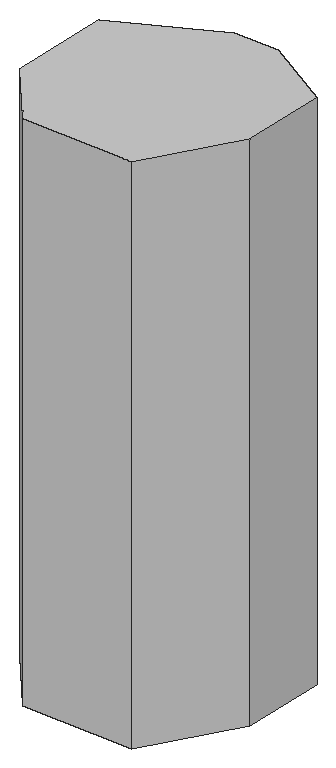
Revit family "BHE_StructuralFoundations_FreeForm_1", category Structural Foundations, Revit 2024
Family settings
  Material for Model Behavior = Concrete
  Cap = No
  Work Plane-Based = Yes
  Always vertical = Yes
  Cut with Voids When Loaded = No
  Shared = No
  Show family pre-cut in plan views = Yes
Parameters (values of type "1000x1000x500 DP 2 PreLoaded")
  Width = BHE_Width  # 1000 mm
  Volume = 0.50 m³
  Structural Material [instance] = none
  Reinforcement Specs [instance] = ""
  Pad Type = "P1"
  Mesh [instance] = ""
  Length = BHE_Length  # 1000 mm
  Foundation Thickness = BHE_Depth  # 2500 mm
  Default Elevation = 1219.2 mm
  BHE_Width = 1000 mm
  BHE_Length = 1000 mm
  BHE_Depth = 2500 mm
Types (4, lengths in mm): name | Width | Length | Foundation Thickness | BHE_Width | BHE_Length | BHE_Depth
  1000x1000x500 DP 2 PreLoaded | 1000 | 1000 | 2500 | 1000 | 1000 | 2500
  1000x1000x500 DP 3 PreLoaded | 50 | 50 | 100 | 50 | 50 | 100
  1000x1000x500 DP 4 PreLoaded | 1000 | 500 | 700 | 1000 | 500 | 700
  1000x1000x500 DP PreLoaded | 1000 | 1000 | 500 | 1000 | 1000 | 500
Reference planes
  plane 1 "Center (Front/Back)": y = 0
  plane 2: z = 0
  plane 3 "Center (Left/Right)": x = 0
  plane 4: x = -500
  plane 5: x = 500
  plane 6: y = 500
  plane 7: y = -500
  plane 8: z = -2500
Forms (mm)
  Extrusion 1, solid, material <- "Structural Material"
    sketch origin (0, 0, 0) x (0, -1, 0) y (1, 0, 0)
      loop
        line (-500, -48.626) -> (-260, -500) -> (207.514, -500) -> (500, -254.575) -> (500, 265.752) -> (94.27, 500) -> (-303.701, 500) -> (-500, 160) -> (-500, -48.626)
    from -2500 to 0
Dimensions and locks
  equal spacing: plane 4, plane 3 "Center (Left/Right)", plane 5
  "Width": plane 4 to plane 5
  equal spacing: plane 7, plane 1 "Center (Front/Back)", plane 6
  "Length": plane 7 to plane 6
  "Foundation Thickness": plane 2 to plane 8
  aligned and locked: Extrusion 1 to plane 8
  aligned and locked: plane 2 to Extrusion 1
Automatic sketch dimensions
  Extrusion 1 sketch curve to plane 6 = 0 mm
  Extrusion 1 sketch curve to plane 5 = 0 mm
  Extrusion 1 sketch curve to plane 4 = 0 mm
  plane 7 to Extrusion 1 sketch curve = 0 mm
  Extrusion 1 sketch curve to plane 6 = 196.299 mm
  Extrusion 1 sketch curve to plane 6 = 240 mm
  plane 1 "Center (Front/Back)" to Extrusion 1 sketch curve = 94.27 mm
  plane 1 "Center (Front/Back)" to Extrusion 1 sketch curve = 207.514 mm
  plane 4 to Extrusion 1 sketch curve = 245.425 mm
  Extrusion 1 sketch curve to plane 3 "Center (Left/Right)" = 48.626 mm
  plane 3 "Center (Left/Right)" to Extrusion 1 sketch curve = 160 mm
  plane 5 to Extrusion 1 sketch curve = 234.248 mm
